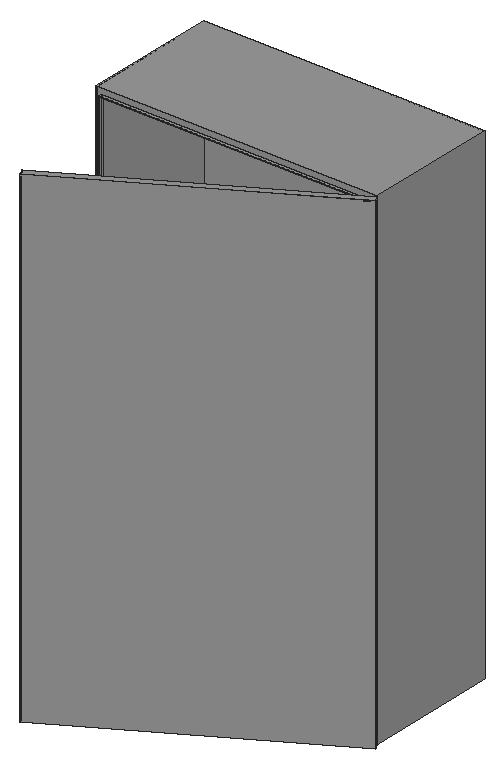
Revit family "Hager-Univers-IP55-D400-H1400-Cl.II-Steel_encl-NoHosted-NL-en", category Equipement électrique, Revit 2020
Family settings
  Configuration du panneau = Deux colonnes, circuits au sein
  Cote de connecteur circulaire = Utiliser le diamètre
  Type d'élément = Tableau de raccordement
  Basée sur le plan de construction = Oui
  Toujours verticalement = Oui
  Couper avec des vides une fois chargée = Non
  Partagée = Non
  Point de calcul de pièce = Non
Parameters (values of type "Surface mounted (plaster) IP55 W800 H1400 D400  - FR93H")
  Width Control [instance] = if([EF000008 - Width] > Min Width, [EF000008 - Width], Min Width)  # 800 mm
  Commentaires du type = [HG000003 - Range]  # "Univers"
  Thickness Door [instance] = if([EF009171 - Material plate thickness door/cover] > 3 mm, 3 mm, [EF009171 - Material plate thickness door/cover])  # 1.5 mm
  Seal Frame Offset [instance] = 17 mm  # constant formula
  Plinth Visibility [instance] = [HG000027 - Plinth height] > 0 mm  # no
  Min Width [instance] = 100 mm  # constant formula
  Min Depth [instance] = (2 * [EF009170 - Material plate thickness cabinet]) + 1 mm  # 4 mm
  Min Height [instance] = 100 mm  # constant formula
  Internal Frame Depth [instance] = (Door System Depth * 0.5)  # 9 mm
  Panel Name [instance] = ""  # (empty or 0)
  Model = ""
  HG000027 - Plinth height = 0 mm
  HG000026 - Floor standing = no
  HG000024 - Bottom section height = 600 mm
  HG000023 - Double section enclosure = no
  HG000016 - Door 3d visibility [instance] = yes
  HG000015 - Clearance visibility [instance] = no
  HG000014 - Door on the right [instance] = yes
  HG000013 - Door on the left [instance] = not([HG000014 - Door on the right])  # no
  HG000012 - Door swing angle [instance] = 30.00°
  HG000010 - Asymmetric doors = no
  HG000009 - Double swing door = no
  HG000006 - Flush mounted = no
  HG000004 - Manufacturer reference = "FR93H"
  HG000003 - Range = "Univers"
  HG000002 - With door or cover = yes
  Frame Offset Bottom [instance] = 10 mm  # constant formula
  Frame Offset [instance] = 15 mm  # constant formula
  EF015940 - Cover with overpressure release = no
  EF011959 - Degree of protection (NEMA) = ""
  EF009554 - Number of openings for flange plates = 6
  EF009212 - Cover model = "EV000116 - Closed"
  EF009171 - Material plate thickness door/cover = 1.5 mm
  EF009170 - Material plate thickness cabinet = 1.5 mm
  EF008873 - Nominal current (In) = 800 A
  EF007800 - Suitable for lightning protection = no
  EF006306 - With lock = no
  EF006244 - Transparent cover/door = no
  EF005474 - Degree of protection (IP) = "EV006420 - IP55"
  EF004464 - Type of door = "EV002646 - Single"
  EF004427 - Number of modules = 324
  EF004293 - Impact strength = "EV008784 - IK10"
  EF003532 - Suitable for outdoor use = no
  EF002950 - Width in number of modular spacings = 24
  EF001613 - Circuit integrity = "EV000494 - None"
  EF001596 - Material housing = "EV000179 - Steel"
  EF001131 - Internal depth = 400 mm
  EF001088 - Extension possible = yes
  EF000437 - Number of conduit inlets = 6
  EF000339 - Type of cover = "EV004216 - Door"
  EF000266 - Number of rows = 9
  EF000218 - Built-in depth = 0 mm
  EF000118 - With mounting plate = no
  EF000116 - RAL-number = "7035"
  EF000049 - Depth = 400 mm
  EF000040 - Height = 1400 mm
  EF000008 - Width = 800 mm
  EF000007 - Colour = "EV000270 - Grey"
  EF000003 - Mounting method = "EV000384 - Surface mounted (plaster)"
  Door System Leaf Tolerance [instance] = 1.5 mm  # constant formula
  Door System Depth [instance] = 18 mm  # constant formula
  Door Height [instance] = Height Control - [HG000027 - Plinth height]  # 1400 mm
  Description = ""
  Default Elevation = 1219.2 mm
  Connector Offset [instance] = Height Control / 2  # 700 mm
  Fabricant = "Hager"  # constant formula
  Height Control [instance] = if([EF000040 - Height] > Min Height, [EF000040 - Height], Min Height)  # 1400 mm
  Depth Control [instance] = if([EF000049 - Depth] > Min Depth, [EF000049 - Depth], Min Depth)  # 400 mm
  Bottom Top Plate Trim [instance] = 1.5 mm  # constant formula
  Plinth height Ctrl [instance] = if([HG000027 - Plinth height] > 0 mm, [HG000027 - Plinth height], 12 mm)  # 12 mm
Types (3, lengths in mm): name | Width Control | HG000009 - Double swing door | HG000004 - Manufacturer reference | EF009554 - Number of openings for flange plates | EF004464 - Type of door | EF004427 - Number of modules | EF000437 - Number of conduit inlets | EF000008 - Width
  Surface mounted (plaster) IP55 W1050 H1400 D400  - FR94H | 1050 | yes | "FR94H" | 8 | "EV003602 - Double" | 432 | 8 | 1050
  Surface mounted (plaster) IP55 W550 H1400 D400  - FR92H | 550 | no | "FR92H" | 4 | "EV002646 - Single" | 216 | 4 | 550
  Surface mounted (plaster) IP55 W800 H1400 D400  - FR93H | 800 | no | "FR93H" | 6 | "EV002646 - Single" | 324 | 6 | 800
Reference planes
  plane 1 "Center (Front/Back)": y = 0
  plane 2: z = 0
  plane 3 "Center (Left/Right)": x = 0
  plane 4: y = 0
  plane 5: y = 0
  plane 6: z = 0
  plane 7: x = -400
  plane 8: x = 400
  plane 9: x = 398.5
  plane 10: x = -398.5
  plane 11: z = 0
  plane 12: z = 1.5
  plane 13: y = -400
  plane 14: y = -1.5
  plane 15: x = 0
  plane 16: y = -382
  plane 17: y = -398.5
  plane 18: y = -380.5
  plane 19: x = -383.5
  plane 20: x = 383.5
  plane 21: z = 11.5
  plane 22: x = -383
  plane 23: x = 383
  plane 24: z = 0
  plane 25: z = 1400
  plane 26: z = 1400
  plane 27: z = 1383.5
  plane 28: z = 1398.5
Forms (mm)
  Extrusion 1, solid, material "Hager_Steel_RAL7035_Light_Grey", detail levels medium+fine
    sketch origin (-208.679, -4572, 0) x (-1, 0, 0) y (0, -1, 0)
      loop
        line (191.321, -4190) -> (-608.679, -4190) -> (-608.679, -4572) -> (191.321, -4572) -> (191.321, -4190)
    from 0 to 1400
  Extrusion 2, void
    sketch origin (-350.771, -400, 1219.2) x (1, 0, 0) y (0, 0, 1)
      loop
        line (-47.729, 179.3) -> (-47.729, -1217.7) -> (749.271, -1217.7) -> (749.271, 179.3) -> (-47.729, 179.3)
    from -19.5 to -398.5
  Extrusion 3, void
    sketch origin (-290.084, -382, 1219.2) x (1, 0, 0) y (0, 0, 1)
      loop
        line (-93.416, -1207.7) -> (673.584, -1207.7) -> (673.584, 164.3) -> (-93.416, 164.3) -> (-93.416, -1207.7)
    from 0 to -1.5
  Extrusion 4, solid, material "Hager_Steel_RAL7035_Light_Grey", visible <- "Plinth Visibility", detail levels medium+fine
    sketch origin (0, 0, 0) x (1, 0, 0) y (0, 1, 0)
      loop
        line (-400, 0) -> (-400, -382) -> (400, -382) -> (400, 0) -> (-400, 0)
    from 0 to 12 <- "Plinth height Ctrl"
  Extrusion 5, solid, material "Hager_Steel_RAL7035_Light_Grey", detail levels coarse
    sketch origin (0, 0, 0) x (1, 0, 0) y (0, 1, 0)
      loop
        line (-400, 0) -> (-400, -400) -> (400, -400) -> (400, 0) -> (-400, 0)
    from 0 to 1400 <- "Height Control"
  Sweep 6, void
    path in 3D
      loop
        line (-400, -382, 12) -> (400, -382, 12) -> (400, 0, 12) -> (-400, 0, 12) -> (-400, -382, 12)
    profile origin (-400, -191, 12) x (1, 0, 0) y (0, 0, 1)
      loop
        line (0, 0) -> (0, -1.5) -> (1.5, -1.5)
        arc (1.5, -1.5) -> (1.061, -0.439) -> (0, 0) r 1.5
  Extrusion 7, solid, material "Hager_Steel_RAL7035_Light_Grey", detail levels fine
    sketch origin (-400, -382, 0) x (1, 0, 0) y (0, 0, 1)
      loop
        line (16.5, 11.5) -> (783.5, 11.5) -> (783.5, 1383.5) -> (16.5, 1383.5) -> (16.5, 11.5)
      loop
        line (15, 10) -> (785, 10) -> (785, 1385) -> (15, 1385) -> (15, 10)
    from 0 to 9 <- "Internal Frame Depth"
Cuts and joins
  Extrusion 2, Extrusion 3 cuts Extrusion 1
  Sweep 6 cuts Extrusion 4
Lines and regions (mm)
  Masking region 1
    outline origin (0, 0, 0) x (1, 0, 0) y (0, 1, 0)
      loop
        line (-400, 0) -> (-400, -400) -> (400, -400) -> (400, 0) -> (-400, 0)
  Masking region 2, detail levels coarse
    outline origin (-290.084, -382, 1219.2) x (-1, 0, 0) y (0, 0, 1)
      loop
        line (-690.084, -1219.2) -> (109.916, -1219.2) -> (109.916, 180.8) -> (-690.084, 180.8) -> (-690.084, -1219.2)
  Masking region 3, detail levels coarse
    outline origin (0, 0, 0) x (0, 1, 0) y (0, 0, 1)
      loop
        line (0, 0) -> (0, 1400) -> (-400, 1400) -> (-400, 0) -> (0, 0)
  Masking region 4, visible <- "Plinth Visibility", detail levels medium+fine
    outline origin (0, 0, 0) x (0, 1, 0) y (0, 0, 1)
      loop
        line (-1.5, 12) -> (-380.5, 12)
        arc (-380.5, 12) -> (-380.939, 10.939) -> (-382, 10.5) r 1.5
        line (-382, 10.5) -> (-382, 0) -> (0, 0) -> (0, 10.5)
        arc (0, 10.5) -> (-1.061, 10.939) -> (-1.5, 12) r 1.5
  Masking region 5, detail levels medium+fine
    outline origin (0, 0, 594.038) x (0, 1, 0) y (0, 0, 1)
      loop
        line (0, -594.038) -> (0, 805.962) -> (-382, 805.962) -> (-382, -594.038) -> (0, -594.038)
  Masking region 6, detail levels medium+fine
    outline origin (-359.7, -382, 1211.883) x (-1, 0, 0) y (0, 0, 1)
      loop
        line (-759.7, -1211.883) -> (40.3, -1211.883) -> (40.3, 188.117) -> (-759.7, 188.117) -> (-759.7, -1211.883)
  Masking region 7, visible <- "Plinth Visibility", detail levels medium+fine
    outline origin (-320.334, -382, 1041.368) x (-1, 0, 0) y (0, 0, 1)
      loop
        line (-720.334, -1041.368) -> (79.666, -1041.368) -> (79.666, -1030.868)
        arc (79.666, -1030.868) -> (78.606, -1030.429) -> (78.166, -1029.368) r 1.5
        line (78.166, -1029.368) -> (-718.834, -1029.368)
        arc (-718.834, -1029.368) -> (-719.273, -1030.429) -> (-720.334, -1030.868) r 1.5
        line (-720.334, -1030.868) -> (-720.334, -1041.368)
  sketch lines
    curve 1: line (-400, 0, 12) -> (-400, -382, 12)
    curve 2: line (-400, -382, 12) -> (400, -382, 12)
    curve 3: line (400, 0, 12) -> (-400, 0, 12)
    curve 4: line (400, -382, 12) -> (400, 0, 12)
Dimensions and locks
  locked: plane 1 "Center (Front/Back)" to plane 5
  "EF009170 - Material plate thickness cabinet": plane 7 to plane 10
  "EF009170 - Material plate thickness cabinet": plane 8 to plane 9
  equal spacing: plane 7, plane 3 "Center (Left/Right)", plane 8
  "Width Control": plane 7 to plane 8
  "Depth Control": plane 4 to plane 13
  "EF009170 - Material plate thickness cabinet": plane 4 to plane 14
  "Height Control": plane 25 to level
  "HG000027 - Plinth height": plane 11 to level
  "EF009170 - Material plate thickness cabinet": plane 12 to plane 11
  "EF009170 - Material plate thickness cabinet": plane 17 to plane 13
  "EF009170 - Material plate thickness cabinet": plane 18 to plane 16
  "Frame Offset Bottom": plane 21 to plane 12
  "Frame Offset": plane 10 to plane 19
  "Frame Offset": plane 9 to plane 20
  "Door System Depth": plane 16 to plane 13
  "Seal Frame Offset": plane 7 to plane 22
  "Seal Frame Offset": plane 8 to plane 23
  "EF009170 - Material plate thickness cabinet": plane 26 to plane 28
  "Frame Offset": plane 28 to plane 27
  "Connector Offset": plane 2 to connector elem
  "Bottom Top Plate Trim": profile plane to Sweep 6 sketch curve
  "Bottom Top Plate Trim": Sweep 6 sketch curve to Sweep 6 sketch curve
  "Plinth height Ctrl": Masking region 4 sketch curve to level
  "Plinth height Ctrl": Masking region 7 sketch curve to level
  "Thickness Door": Extrusion 7 sketch curve to Extrusion 7 sketch curve  (x4)
  "Bottom Top Plate Trim": radius of Sweep 6 sketch curve
  "Bottom Top Plate Trim": radius of Masking region 4 sketch curve  (x2)
  "Bottom Top Plate Trim": radius of Masking region 7 sketch curve  (x2)
  aligned and locked: Extrusion 2 sketch curve to plane 12
  aligned and locked: Extrusion 2 sketch curve to plane 9
  aligned and locked: Extrusion 2 sketch curve to plane 10
  aligned and locked: Extrusion 2 to plane 14
  aligned and locked: Extrusion 1 sketch curve to plane 4
  aligned and locked: plane 8 to Extrusion 1 sketch curve
  aligned and locked: plane 7 to Extrusion 1 sketch curve
  aligned and locked: Extrusion 2 to plane 18
  aligned and locked: Extrusion 3 sketch curve to plane 19
  aligned and locked: plane 20 to Extrusion 3 sketch curve
  aligned and locked: Extrusion 3 to Extrusion 2
  aligned and locked: Extrusion 3 sketch curve to plane 21
  aligned and locked: plane 3 "Center (Left/Right)" to nested 1
  aligned and locked: Extrusion 1 sketch curve to plane 16
  aligned and locked: Extrusion 4 sketch curve to cut or joined group of Extrusion 1, Extrusion 2, Extrusion 3
  aligned and locked: Masking region 1 sketch curve to plane 7
  aligned and locked: Masking region 1 sketch curve to plane 5
  aligned and locked: Masking region 1 sketch curve to plane 8
  aligned and locked: Masking region 2 sketch curve to level
  aligned and locked: level to Masking region 3 sketch curve
  aligned and locked: plane 1 "Center (Front/Back)" to Masking region 3 sketch curve
  aligned and locked: plane 13 to Masking region 3 sketch curve
  aligned and locked: plane 5 to Masking region 4 sketch curve
  aligned and locked: Masking region 2 sketch curve to plane 8
  aligned and locked: Masking region 2 sketch curve to plane 7
  aligned and locked: plane 7 to nested 2
  aligned and locked: nested 2 to plane 5
  aligned and locked: plane 5 to Masking region 5 sketch curve
  aligned and locked: plane 26 to Masking region 5 sketch curve
  aligned and locked: Extrusion 5 sketch curve to plane 8
  aligned and locked: Extrusion 5 sketch curve to plane 7
  aligned and locked: Extrusion 5 sketch curve to plane 5
  aligned and locked: Extrusion 3 sketch curve to plane 27
  aligned and locked: Extrusion 2 sketch curve to plane 28
  aligned and locked: Masking region 2 to plane 25
  aligned and locked: Extrusion 4 to plane 16
  aligned and locked: profile plane to Sweep 6 sketch curve
  aligned and locked: Masking region 5 sketch curve to plane 24
  aligned and locked: level to Masking region 4 sketch curve
  aligned and locked: Masking region 1 to plane 13
  aligned and locked: nested 1 to plane 16
  aligned and locked: Masking region 3 to plane 25
  aligned and locked: plane 16 to Masking region 4 sketch curve
  aligned and locked: Masking region 5 sketch curve to plane 16
  aligned and locked: plane 24 to plane 11
  aligned and locked: plane 26 to plane 25
  aligned and locked: plane 26 to cut or joined group of Extrusion 1, Extrusion 2, Extrusion 3
  aligned and locked: nested 1 to plane 24
  aligned and locked: Extrusion 1 to Extrusion 3
  aligned and locked: Masking region 6 sketch curve to plane 8
  aligned and locked: Masking region 6 sketch curve to plane 24
  aligned and locked: Masking region 6 sketch curve to plane 7
  aligned and locked: Masking region 6 sketch curve to plane 26
  aligned and locked: Masking region 7 sketch curve to plane 7
  aligned and locked: level to Masking region 7 sketch curve
  aligned and locked: Masking region 7 sketch curve to plane 8
  aligned and locked: Extrusion 7 sketch curve to cut or joined group of Extrusion 1, Extrusion 2, Extrusion 3  (x4)
Automatic sketch dimensions
  plane 19 to Extrusion 3 sketch curve = 0 mm
  Extrusion 3 sketch curve to plane 20 = 0 mm
  Extrusion 3 sketch curve to plane 21 = 0 mm
  Extrusion 4 sketch curve to plane 7 = 0 mm
  Extrusion 4 sketch curve to plane 8 = 0 mm
  Extrusion 4 sketch curve to plane 16 = 0 mm
  Masking region 1 sketch curve to plane 13 = 0 mm
  Masking region 2 sketch curve to plane 25 = 0 mm
  Masking region 3 sketch curve to plane 25 = 0 mm
  Extrusion 5 sketch curve to plane 13 = 0 mm
  profile plane to Sweep 6 sketch curve = 0 mm
Nested families
  nested 1: "EC000058_Univers_Door" at (0, -382, 0), Double <- "HG000009 - Double swing door", Transparent <- "EF006244 - Transparent cover/door", Angle <- "HG000012 - Door swing angle", Door_Right <- "HG000014 - Door on the right", Assymetrical <- "HG000010 - Asymmetric doors", Door <- "HG000002 - With door or cover", Width_Ctrl <- "Width Control", 3d_Door <- "HG000016 - Door 3d visibility", Clearance <- "HG000015 - Clearance visibility", Door_Left <- "HG000013 - Door on the left", Width <- "Width Control", Door_Depth <- "Door System Depth", Leaf_Tolerance <- "Door System Leaf Tolerance", Height <- "Door Height", Lock_Visibility <- "EF006306 - With lock", Thickness <- "Thickness Door", type "EC000058_Univers_Door", detail levels medium+fine
    with min_wh 4 mm, Width_Ctrl 800 mm, Width 800 mm, Transparent no, Thickness 1.5 mm, Seal_Material Hager_Rubber, Lock_Visibility no, Lock_Material Hager_Plastic_RAL9005_Jet_Black, Leaf_Width 800 mm, Leaf_Tolerance_External_Sides 0 mm, Leaf_Tolerance 1.5 mm, Leaf_Offset 0 mm, Leaf_Height 1397 mm, Leaf_2_Width 800 mm, Leaf_2_Offset 400 mm, Leaf_1_Width 800 mm, Leaf_1_Offset 400 mm, Height_Ctrl 1400 mm, Height 1400 mm, Glass_Material Hager_Glass, Double_Clearance_Ctrl no, Double no, Door_Right_Ctrl yes, Door_Right yes, Door_Material Hager_Steel_RAL7035_Light_Grey, Door_Left_Ctrl no, Door_Left no, Door_Depth 18 mm, Door yes, Clearance_Material Hager_Clearance, Clearance_Depth 800 mm, Clearance_Ctrl no, Clearance no, Assymetrical no, Angle 30.00°, 3d_Door yes
  nested 2: "Hager_Enclosure_Symbol" at (-400, 0, 0), Height <- "Depth Control", Width <- "Width Control", type "Hager_Enclosure_Symbol"
    with Width_Ctrl 800 mm, Width 800 mm, Height_Ctrl 400 mm, Height 400 mm, A_Width_Int 26.25 mm, A_Width 315 mm, A_Height_Ctrl 350 mm, A_Height 350 mm
Connectors
  electrical at (0, 0, 700)
    settings: on plane 1 "Center (Front/Back)", index 1, voltage 0 V, apparent load 0 VA, apparent load phase1 0 VA, apparent load phase2 0 VA, apparent load phase3 0 VA, power factor 1, load classification "Other", number of poles 1, system type 30, power factor state 1, is connector primary yes, connector utility no, sub classification motor no, connector description ""
Definition of nested family "EC000058_Univers_Door"
  Parameters (values of type "EC000058_Univers_Door")
    min_wh [instance] = (2 * Thickness) + 1 mm  # 11 mm
    Width_Ctrl [instance] = 400 mm
    Width [instance] = 500 mm
    Transparent [instance] = yes
    Thickness [instance] = 5 mm
    Seal_Material [instance] = none
    Lock_Visibility [instance] = yes
    Lock_Material [instance] = none
    Leaf_Width [instance] = if((Width_Ctrl - 2 * Leaf_Tolerance_External_Sides) > 0 mm, (Width_Ctrl - 2 * Leaf_Tolerance_External_Sides), min_wh)  # 400 mm
    Leaf_Tolerance_External_Sides [instance] = 0 mm  # constant formula
    Leaf_Tolerance [instance] = 1.5 mm
    Leaf_Offset [instance] = 0 mm  # constant formula
    Leaf_Height [instance] = if((Height_Ctrl - 2 * Leaf_Tolerance) > 0 mm, (Height_Ctrl - 2 * Leaf_Tolerance), min_wh)  # 497 mm
    Leaf_2_Width [instance] = if(and(and(Double, Assymetrical), Door_Left), (Leaf_Width / 3) - (Leaf_Tolerance / 2), if(and(and(Double, Assymetrical), Door_Right), (Leaf_Width / 3) * 2 - (Leaf_Tolerance / 2), if(and(Double, not(Assymetrical)), (Leaf_Width / 2) - Leaf_Tolerance, Leaf_Width)))  # 400 mm
    Leaf_2_Offset [instance] = if(and(Double, Assymetrical), Leaf_2_Width / 2, if(and(Double, not(Assymetrical)), Leaf_Width / 4, Leaf_Width / 2))  # 200 mm
    Leaf_1_Width [instance] = if(and(and(Double, Assymetrical), Door_Right), (Leaf_Width / 3) - (Leaf_Tolerance / 2), if(and(and(Double, Assymetrical), Door_Left), (Width / 3) * 2 - (Leaf_Tolerance / 2), if(and(Double, not(Assymetrical)), (Leaf_Width / 2) - Leaf_Tolerance, Leaf_Width)))  # 400 mm
    Leaf_1_Offset [instance] = if(and(Double, Assymetrical), Leaf_1_Width / 2, if(and(Double, not(Assymetrical)), Leaf_Width / 4, Leaf_Width / 2))  # 200 mm
    Height_Ctrl [instance] = if(Height > min_wh, Height, min_wh)  # 500 mm
    Height [instance] = 500 mm
    Glass_Material [instance] = none
    Double_Clearance_Ctrl [instance] = and(Double, Clearance)  # no
    Double [instance] = no
    Door_Right_Ctrl [instance] = and(or(Door_Right, Double), Door)  # yes
    Door_Right [instance] = yes
    Door_Material [instance] = none
    Door_Left_Ctrl [instance] = and(or(Door_Left, Double), Door)  # no
    Door_Left [instance] = no
    Door_Depth [instance] = 30 mm
    Door [instance] = yes
    Default Elevation = 1219.2 mm
    Clearance_Material [instance] = none
    Clearance_Depth [instance] = if(Leaf_1_Width > Leaf_2_Width, Leaf_1_Width, Leaf_2_Width)  # 400 mm
    Clearance_Ctrl [instance] = and(not(Double), Clearance)  # yes
    Clearance [instance] = yes
    Assymetrical [instance] = yes
    Angle [instance] = 30.00°
    3d_Door [instance] = yes
  Reference planes
    plane 1 "Center (Front/Back)": y = 0
    plane 2 "Bottom": z = 0
    plane 3 "Center (Left/Right)": x = 0
    plane 4: z = 500
    plane 5: x = -200
    plane 6: x = 200
    plane 7: z = 500
    plane 8: x = -200
    plane 9: z = 0
    plane 10: x = 200
    plane 11: y = 0
    plane 12: z = 1.5
    plane 13: x = -600
    plane 14: y = -400
    plane 15: x = 600
    plane 16: x = 0
    plane 17: x = 0
    plane 18: x = -200
    plane 19: x = 200
    plane 20: z = 498.5
  Forms (mm)
    Extrusion 1, solid, material <- "Clearance_Material", visible <- "Double_Clearance_Ctrl"
      sketch origin (1200, 0, 0) x (1, 0, 0) y (0, 0, -1)
        loop
          line (-1800, -498.5) -> (-600, -498.5) -> (-600, 0) -> (-1800, 0) -> (-1800, -498.5)
      from 0 to -400
  Dimensions and locks
    equal spacing: plane 5, plane 3 "Center (Left/Right)", plane 6
    "Width_Ctrl": plane 5 to plane 6
    "Leaf_Offset": plane 5 to plane 8
    "Leaf_Offset": plane 6 to plane 10
    "Leaf_Offset": plane 9 to level
    "Leaf_Offset": plane 4 to plane 7
    "Height_Ctrl": plane 4 to level
    "Leaf_Tolerance": plane 12 to plane 9
    locked: plane 11 to plane 1 "Center (Front/Back)"
    "Leaf_1_Offset": plane 18 to plane 16
    "Leaf_2_Offset": plane 17 to plane 19
    "Leaf_1_Width": plane 13 to plane 8
    "Leaf_2_Width": plane 10 to plane 15
    "Clearance_Depth": plane 14 to plane 1 "Center (Front/Back)"
    "Leaf_Tolerance_External_Sides": plane 8 to plane 18
    "Leaf_Tolerance_External_Sides": plane 19 to plane 10
    "Leaf_Tolerance": plane 7 to plane 20
    aligned and locked: level to plane 2 "Bottom"
    aligned and locked: nested 1 to plane 16
    aligned and locked: nested 2 to plane 17
    aligned and locked: Extrusion 1 to plane 13
    aligned and locked: plane 15 to Extrusion 1
    aligned and locked: Extrusion 1 to plane 14
    aligned and locked: plane 12 to nested 1
    aligned and locked: nested 2 to plane 12
    aligned and locked: Extrusion 1 to plane 11
    aligned and locked: plane 20 to Extrusion 1
    aligned and locked: nested 2 to plane 11
    aligned and locked: nested 1 to plane 11
  Automatic sketch dimensions
    Extrusion 1 sketch curve to level = 0 mm
    plane 5 to Extrusion 1 sketch curve = 400 mm
    plane 6 to Extrusion 1 sketch curve = 400 mm
    Extrusion 1 sketch curve to plane 4 = 1.5 mm
  Nested families
    nested 1: "EC000058_Univers_Door_Leaf" at (0, 0, 1.5), Width <- "Leaf_1_Width", visible <- "Door_Left_Ctrl", Leaf_Height <- "Leaf_Height", Angle <- "Angle", 3d_Door <- "3d_Door", Transparent <- "Transparent", Clearance Material <- "Clearance_Material", Clearance <- "Clearance_Ctrl", Door_Material <- "Door_Material", Glass_Material <- "Glass_Material", Door_Depth <- "Door_Depth", Lock_Material <- "Lock_Material", Seal_Material <- "Seal_Material", Lock_Visibility <- "Lock_Visibility", Thickness <- "Thickness", type "EC000058_Univers_Door_Leaf"
      with Width 400 mm, Transparent_Glass_Offset 30 mm, Transparent_Ctrl yes, Transparent yes, Thickness 5 mm, Standard no, Seal_Material none, Seal_D2 8 mm, Seal_D1 1 mm, Offset_Internal_Frame 10 mm, Lock_Width 20 mm, Lock_Visibility_3d yes, Lock_Visibility yes, Lock_Thickness_3 3 mm, Lock_Thickness_2 1 mm, Lock_Thickness_1 3 mm, Lock_Radius_Offset_2 16 mm, Lock_Radius_Offset_1 15 mm, Lock_Radius_2 5 mm, Lock_Radius 6 mm, Lock_Offset 5 mm, Lock_Material none, Lock_Height 80 mm, Lock_Cover_Top_Offset_2d 17 mm, Lock_Cover_Height -65 mm, Leaf_Height 497 mm, Internal_Seal_Thickness 8 mm, Internal_Seal_Depth_2 4.5 mm, Internal_Frame_Depth 25 mm, Glass_Thickness -1 mm, Glass_Offset -2 mm, Glass_Material none, Door_Material none, Door_Depth 30 mm, Clearance Material none, Clearance yes, Angle_Ctrl 30.00°, Angle 30.00°, 3d_Door yes
    nested 2: "EC000058_Univers_Door_Leaf" at (0, 0, 1.5) x (-1, 0, 0) z (0, 0, 1), Width <- "Leaf_2_Width", visible <- "Door_Right_Ctrl", Leaf_Height <- "Leaf_Height", Angle <- "Angle", 3d_Door <- "3d_Door", Transparent <- "Transparent", Clearance Material <- "Clearance_Material", Clearance <- "Clearance_Ctrl", Door_Material <- "Door_Material", Glass_Material <- "Glass_Material", Door_Depth <- "Door_Depth", Lock_Material <- "Lock_Material", Seal_Material <- "Seal_Material", Lock_Visibility <- "Lock_Visibility", Thickness <- "Thickness", type "EC000058_Univers_Door_Leaf"
      with Width 400 mm, Transparent_Glass_Offset 30 mm, Transparent_Ctrl yes, Transparent yes, Thickness 5 mm, Standard no, Seal_Material none, Seal_D2 8 mm, Seal_D1 1 mm, Offset_Internal_Frame 10 mm, Lock_Width 20 mm, Lock_Visibility_3d yes, Lock_Visibility yes, Lock_Thickness_3 3 mm, Lock_Thickness_2 1 mm, Lock_Thickness_1 3 mm, Lock_Radius_Offset_2 16 mm, Lock_Radius_Offset_1 15 mm, Lock_Radius_2 5 mm, Lock_Radius 6 mm, Lock_Offset 5 mm, Lock_Material none, Lock_Height 80 mm, Lock_Cover_Top_Offset_2d 17 mm, Lock_Cover_Height -65 mm, Leaf_Height 497 mm, Internal_Seal_Thickness 8 mm, Internal_Seal_Depth_2 4.5 mm, Internal_Frame_Depth 25 mm, Glass_Thickness -1 mm, Glass_Offset -2 mm, Glass_Material none, Door_Material none, Door_Depth 30 mm, Clearance Material none, Clearance yes, Angle_Ctrl 30.00°, Angle 30.00°, 3d_Door yes
  Definition of nested family "EC000058_Univers_Door_Leaf"
    Parameters (values of type "EC000058_Univers_Door_Leaf")
      Width [instance] = 2000 mm
      Transparent_Glass_Offset [instance] = 30 mm
      Transparent_Ctrl [instance] = and(Transparent, [3d_Door])  # yes
      Transparent [instance] = yes
      Thickness [instance] = 5 mm
      Standard [instance] = and(not(Transparent), [3d_Door])  # no
      Seal_Material [instance] = none
      Seal_D2 [instance] = 8 mm  # constant formula
      Seal_D1 [instance] = 1 mm  # constant formula
      Offset_Internal_Frame [instance] = 10 mm  # constant formula
      Lock_Width [instance] = 20 mm  # constant formula
      Lock_Visibility_3d [instance] = and(Lock_Visibility, [3d_Door])  # yes
      Lock_Visibility [instance] = yes
      Lock_Thickness_3 [instance] = 3 mm  # constant formula
      Lock_Thickness_2 [instance] = 1 mm  # constant formula
      Lock_Thickness_1 [instance] = 3 mm  # constant formula
      Lock_Radius_Offset_2 [instance] = Lock_Radius_Offset_1 + 1 mm  # 16 mm
      Lock_Radius_Offset_1 [instance] = 15 mm  # constant formula
      Lock_Radius_2 [instance] = Lock_Radius - 1 mm  # 5 mm
      Lock_Radius [instance] = 6 mm  # constant formula
      Lock_Offset [instance] = 5 mm  # constant formula
      Lock_Material [instance] = none
      Lock_Height [instance] = 80 mm  # constant formula
      Lock_Cover_Top_Offset_2d [instance] = Lock_Radius_Offset_2 + 1 mm  # 17 mm
      Lock_Cover_Height [instance] = -(Lock_Height - Lock_Radius_Offset_1)  # -65 mm
      Leaf_Height [instance] = 2720.336 mm
      Internal_Seal_Thickness [instance] = 8 mm  # constant formula
      Internal_Seal_Depth_2 [instance] = 4.5 mm  # constant formula
      Internal_Frame_Depth [instance] = if(Door_Depth - Thickness > 5 mm, Door_Depth - Thickness, 5 mm)  # 25 mm
      Glass_Thickness [instance] = if(Thickness > 15 mm, Glass_Offset + 10 mm, -1 mm)  # -1 mm
      Glass_Offset [instance] = if(Thickness > 15 mm, -(Thickness + 10 mm) / 2, -2 mm)  # -2 mm
      Glass_Material [instance] = none
      Door_Material [instance] = none
      Door_Depth [instance] = 30 mm
      Default Elevation = 0 mm
      Clearance Material [instance] = none
      Clearance [instance] = yes
      Angle_Ctrl [instance] = if(Angle > 180.00°, 180.00°, Angle)  # 90.00°
      Angle [instance] = 90.00°
      3d_Door [instance] = yes
    Reference planes
      plane 1 "Center (Front/Back)": y = 0
      plane 2: z = 0
      plane 3 "Center (Left/Right)": x = 0
      plane 4: y = 2000
      plane 5: x = -1000
      plane 6: x = 1000
      plane 7: x = -3000
      plane 8: z = 2720.336
      plane 9: z = 30
      plane 10: z = 2690.336
      plane 11: x = 970
      plane 12: x = -970
      plane 13: y = -3
      plane 14: z = 107.833
      plane 15: y = -5
      plane 16: y = -223.314
      plane 17: x = -1000
      plane 18: z = 1360.168
      plane 19: y = 30
    Forms (mm)
      Extrusion 1, solid, material <- "Clearance Material", visible <- "Clearance"
        sketch origin (0, 0, 0) x (1, 0, 0) y (0, 0, 1)
          loop
            line (-3000, 2720.336) -> (-3000, 0) -> (1000, 0) -> (1000, 2720.336) -> (-3000, 2720.336)
        from 0 to -2000
      Extrusion 2, solid, material <- "Door_Material", visible <- "Standard", detail levels medium+fine
        sketch origin (-1000, 0, 0) x (0, 1, 0) y (-1, 0, 0)
          loop
            line (0, 30) -> (0, 25) -> (2000, 25) -> (2000, 30) -> (0, 30)
        from 0 to 2720.336 <- "Leaf_Height"
      Extrusion 3, solid, material <- "Door_Material", visible <- "Transparent_Ctrl", detail levels medium+fine
        sketch origin (-1000, 0, 0) x (0, 1, 0) y (-1, 0, 0)
          loop
            line (0, 25) -> (2000, 25) -> (2000, 30) -> (0, 30) -> (0, 25)
        from 0 to 2720.336 <- "Leaf_Height"
      Extrusion 4, void
        sketch origin (-1025, 2000, 0) x (0, 1, 0) y (0, 0, -1)
          loop
            line (-30, -2690.336) -> (-30, -30) -> (-1970, -30) -> (-1970, -2690.336) -> (-30, -2690.336)
        from 0 to 5 <- "Thickness"
      Sweep 5, solid, material <- "Seal_Material", visible <- "Transparent_Ctrl", detail levels fine
        path in 3D
          loop
            line (-1025, 30, 30) -> (-1025, 30, 2690.336) -> (-1025, 1970, 2690.336) -> (-1025, 1970, 30) -> (-1025, 30, 30)
        profile origin (-1025, 1000, 30) x (1, 0, 0) y (0, 0, 1)
          loop
            line (0, 0) -> (0, -8) -> (1, -8) -> (1, 0) -> (0, 0)
      Extrusion 6, solid, material <- "Glass_Material", visible <- "Transparent_Ctrl", detail levels medium+fine
        sketch origin (-1030, 0, 0) x (0, 1, 0) y (0, 0, -1)
          loop
            line (1970, -2690.336) -> (1970, -30) -> (30, -30) -> (30, -2690.336) -> (1970, -2690.336)
        from -2 <- "Glass_Offset" to -1 <- "Glass_Thickness"
      Extrusion 7, solid, material <- "Door_Material", visible <- "3d_Door", detail levels medium+fine
        sketch origin (-1025, 2000, 0) x (0, -1, 0) y (0, 0, -1)
          loop
            line (0, -2720.336) -> (2000, -2720.336) -> (2000, 0) -> (0, 0) -> (0, -2720.336)
          loop
            line (1995, -5) -> (5, -5) -> (5, -2715.336) -> (1995, -2715.336) -> (1995, -5)
        from 0 to 25 <- "Internal_Frame_Depth"
      Sweep 8, solid, material <- "Seal_Material", visible <- "Transparent_Ctrl", detail levels fine
        path in 3D
          loop
            line (-1025, 0, 0) -> (-1025, 2000, 0) -> (-1025, 2000, 2720.336) -> (-1025, 0, 2720.336) -> (-1025, 0, 0)
        profile origin (-1025, 0, 1360.168) x (1, 0, 0) y (0, 1, 0)
          loop
            line (0, 10) -> (2.975, 10)
            arc (2.975, 10) -> (4.053, 10.447) -> (4.5, 11.525) r 1.525
            line (4.5, 11.525) -> (4.5, 16.527)
            arc (4.5, 16.527) -> (4.069, 17.569) -> (3.027, 18) r 1.473
            line (3.027, 18) -> (0, 18) -> (0, 10)
      Extrusion 9, solid, material <- "Lock_Material", visible <- "Lock_Visibility_3d", detail levels fine
        sketch origin (-1030, 0, 0) x (0, 1, 0) y (0, 0, -1)
          loop
            arc (1993.5, -1400.168) -> (1994.561, -1399.729) -> (1995, -1398.668) r 1.5
            line (1995, -1398.668) -> (1995, -1320.168) -> (1975, -1320.168) -> (1975, -1398.668)
            arc (1975, -1398.668) -> (1975.439, -1399.729) -> (1976.5, -1400.168) r 1.5
            line (1976.5, -1400.168) -> (1993.5, -1400.168)
        from 3 <- "Lock_Thickness_1" to 0
      Blend 10, solid, material <- "Lock_Material", visible <- "Lock_Visibility_3d", detail levels fine
        base sketch origin (-1033, 0, 0) x (0, 1, 0) y (0, 0, -1)
          loop
            line (1975, -1320.168) -> (1975, -1398.668)
            arc (1975, -1398.668) -> (1975.439, -1399.729) -> (1976.5, -1400.168) r 1.5
            line (1976.5, -1400.168) -> (1993.5, -1400.168)
            arc (1993.5, -1400.168) -> (1994.561, -1399.729) -> (1995, -1398.668) r 1.5
            line (1995, -1398.668) -> (1995, -1320.168) -> (1975, -1320.168)
        top sketch origin (-1033, 0, 0) x (0, 1, 0) y (0, 0, -1)
          loop
            line (1976, -1320.168) -> (1976, -1398.668)
            arc (1976, -1398.668) -> (1976.146, -1399.022) -> (1976.5, -1399.168) r 0.5
            line (1976.5, -1399.168) -> (1993.5, -1399.168)
            arc (1993.5, -1399.168) -> (1993.854, -1399.022) -> (1994, -1398.668) r 0.5
            line (1994, -1398.668) -> (1994, -1320.168) -> (1976, -1320.168)
        from 0 to 1 <- "Lock_Thickness_2"
      Blend 11, solid, material <- "Lock_Material", visible <- "Lock_Visibility_3d", detail levels fine
        base sketch origin (-1034, 0, 0) x (0, 1, 0) y (0, 0, -1)
          loop
            line (1978, -1320.168) -> (1978, -1384.168)
            arc (1978, -1384.168) -> (1985, -1391.168) -> (1992, -1384.168) r 7
            line (1992, -1384.168) -> (1992, -1320.168) -> (1978, -1320.168)
        top sketch origin (-1034, 0, 0) x (0, 1, 0) y (0, 0, -1)
          loop
            line (1991, -1320.168) -> (1979, -1320.168) -> (1979, -1383.168)
            arc (1979, -1383.168) -> (1985, -1389.168) -> (1991, -1383.168) r 6
            line (1991, -1383.168) -> (1991, -1320.168)
        from 0 to 3 <- "Lock_Thickness_3"
      Extrusion 12, solid, material <- "Lock_Material", visible <- "Lock_Visibility_3d", detail levels fine
        sketch origin (-1030, 1975, 1320.168) x (1, 0, 0) y (0, -1, 0)
          loop
            line (-7, -19) -> (-7, -1) -> (0, -1) -> (0, 0) -> (-8, 0) -> (-8, -20) -> (0, -20) -> (0, -19) -> (-7, -19)
        from 0 to -65 <- "Lock_Cover_Height"
      Extrusion 13, void
        sketch origin (-1038, 1995, 1320.168) x (-1, 0, 0) y (0, 0, -1)
          loop
            line (-5, -65) -> (0, -65) -> (-5, -60) -> (-5, -65)
        from 0 to 20 <- "Lock_Width"
      Extrusion 14, void
        sketch origin (-1038, 1975, 1320.168) x (0, -1, 0) y (0, 0, -1)
          loop
            circle (-10, -15.995) r 6
          loop
            circle (-10, -15.995) r 5
        from 0 to 2
      Extrusion 15, solid, material <- "Lock_Material", visible <- "Lock_Visibility_3d", detail levels medium
        sketch origin (-1030, 0, 0) x (0, 1, 0) y (0, 0, -1)
          loop
            arc (1993.5, -1400.168) -> (1994.561, -1399.729) -> (1995, -1398.668) r 1.5
            line (1995, -1398.668) -> (1995, -1320.168) -> (1975, -1320.168) -> (1975, -1398.668)
            arc (1975, -1398.668) -> (1975.439, -1399.729) -> (1976.5, -1400.168) r 1.5
            line (1976.5, -1400.168) -> (1993.5, -1400.168)
        from 8 to 0
    Cuts and joins
      Extrusion 4 cuts Extrusion 3
      Extrusion 13, Extrusion 14 cuts Extrusion 9
      Extrusion 14 cuts Blend 11
      Extrusion 13, Extrusion 14 cuts Extrusion 12
      joined: Extrusion 9, Blend 10, Blend 11, Extrusion 12
      Extrusion 14 cuts Extrusion 15
    Lines and regions (mm)
      Masking region 1, visible <- "Lock_Visibility", detail levels fine
        outline origin (0, 0, 0) x (0, 1, 0) y (0, 0, 1)
          loop
            line (30, 1320.168) -> (33, 1320.168) -> (33, 1400.168) -> (30, 1400.168) -> (30, 1320.168)
      Masking region 2, visible <- "Lock_Visibility", detail levels fine
        outline origin (0, 3.143, 0) x (0, 1, 0) y (0, 0, 1)
          loop
            line (29.857, 1354.168) -> (30.857, 1354.168) -> (30.857, 1366.168) -> (29.857, 1366.168) -> (29.857, 1354.168)
      Masking region 3, detail levels medium+fine
        outline origin (0, 0, 0) x (0, 1, 0) y (0, 0, 1)
          loop
            line (0, 0) -> (30, 0) -> (30, 2720.336) -> (0, 2720.336) -> (0, 0)
      Masking region 4, detail levels medium+fine
        outline origin (0, 0, 0) x (1, 0, 0) y (0, 0, 1)
          loop
            line (-1000, 2720.336) -> (-1000, 0) -> (1000, 0) -> (1000, 2720.336) -> (-1000, 2720.336)
      Masking region 5, visible <- "Lock_Visibility", detail levels fine
        outline origin (-47.116, 0, 0) x (1, 0, 0) y (0, 0, 1)
          loop
            arc (1024.616, 1399.168) -> (1023.556, 1398.729) -> (1023.116, 1397.668) r 1.5
            line (1023.116, 1397.668) -> (1023.116, 1320.168) -> (1041.116, 1320.168) -> (1041.116, 1397.668)
            arc (1041.116, 1397.668) -> (1040.677, 1398.729) -> (1039.616, 1399.168) r 1.5
            line (1039.616, 1399.168) -> (1024.616, 1399.168)
      Masking region 6, visible <- "Lock_Visibility", detail levels medium+fine
        outline origin (-25, 0, 0) x (1, 0, 0) y (0, 0, 1)
          loop
            arc (1001.5, 1400.168) -> (1000.439, 1399.729) -> (1000, 1398.668) r 1.5
            line (1000, 1398.668) -> (1000, 1320.168) -> (1020, 1320.168) -> (1020, 1398.668)
            arc (1020, 1398.668) -> (1019.561, 1399.729) -> (1018.5, 1400.168) r 1.5
            line (1018.5, 1400.168) -> (1001.5, 1400.168)
      Masking region 7, visible <- "Lock_Visibility", detail levels fine
        outline origin (-73.735, 0, 0) x (1, 0, 0) y (0, 0, 1)
          loop
            line (1051.735, 1382.168) -> (1065.735, 1382.168) -> (1065.735, 1384.168)
            arc (1065.735, 1384.168) -> (1058.735, 1391.168) -> (1051.735, 1384.168) r 7
            line (1051.735, 1384.168) -> (1051.735, 1382.168)
      Masking region 8, visible <- "Lock_Visibility", detail levels fine
        outline origin (-73.735, 0, 0) x (1, 0, 0) y (0, 0, 1)
          loop
            line (1052.735, 1382.168) -> (1064.735, 1382.168) -> (1064.735, 1383.168)
            arc (1064.735, 1383.168) -> (1058.735, 1389.168) -> (1052.735, 1383.168) r 6
            line (1052.735, 1383.168) -> (1052.735, 1382.168)
      Masking region 9, visible <- "Lock_Visibility", detail levels fine
        outline origin (-25, 0, 0) x (1, 0, 0) y (0, 0, 1)
          loop
            line (1020, 1320.168) -> (1020, 1382.168) -> (1000, 1382.168) -> (1000, 1320.168) -> (1020, 1320.168)
      Masking region 10, detail levels medium+fine
        outline origin (0, 0, 0) x (1, 0, 0) y (0, 0, 1)
          loop
            circle (985, 1335.144) r 6
      Masking region 11, detail levels fine
        outline origin (0, 0, 0) x (1, 0, 0) y (0, 0, 1)
          loop
            circle (985, 1335.144) r 5
      Masking region 12, visible <- "Lock_Visibility", detail levels fine
        outline origin (0, 12.767, 0) x (0, 1, 0) y (0, 0, 1)
          loop
            line (20.233, 1320.168) -> (21.233, 1320.168) -> (21.233, 1399.168) -> (20.233, 1400.168) -> (20.233, 1320.168)
      Masking region 13, visible <- "Lock_Visibility", detail levels fine
        outline origin (0, 13.767, -10) x (0, 1, 0) y (0, 0, 1)
          loop
            line (20.233, 1330.168) -> (23.233, 1330.168) -> (23.233, 1399.168) -> (20.233, 1402.168) -> (20.233, 1330.168)
      Masking region 14, visible <- "Lock_Visibility", detail levels fine
        outline origin (0, 12.767, -10) x (0, 1, 0) y (0, 0, 1)
          loop
            line (20.233, 1330.168) -> (25.233, 1330.168) -> (25.233, 1399.305) -> (20.233, 1394.305) -> (20.233, 1330.168)
      Masking region 15, visible <- "Lock_Visibility", detail levels medium
        outline origin (0, 0, 0) x (0, 1, 0) y (0, 0, 1)
          loop
            line (30, 1320.168) -> (38, 1320.168) -> (38, 1400.168) -> (30, 1400.168) -> (30, 1320.168)
      Masking region 16, visible <- "Lock_Visibility", detail levels fine
        outline origin (-1000, 0, 0) x (0, 1, 0) y (-1, 0, 0)
          loop
            line (1975, 30) -> (1995, 30) -> (1995, 38) -> (1975, 38) -> (1975, 30)
          loop
            line (1979, 37) -> (1976, 37) -> (1976, 34) -> (1978, 34) -> (1979, 37)
          loop
            line (1994, 37) -> (1991, 37) -> (1992, 34) -> (1994, 34) -> (1994, 37)
      Masking region 17, visible <- "Lock_Visibility", detail levels medium
        outline origin (-1000, 0, 0) x (0, 1, 0) y (-1, 0, 0)
          loop
            line (1975, 30) -> (1995, 30) -> (1995, 38) -> (1975, 38) -> (1975, 30)
      symbolic lines
        curve 1: line (1000, 0, 0) -> (-3000, 0, 0)
        curve 2: arc (1000, 0, 0) -> (-1000, 2000, 0) -> (-3000, 0, 0) r 2000
        curve 4: line (-1030, 0, 0) -> (-1030, 2000, 0)
      reference lines
        curve 3: line (-1000, 0, 0) -> (-1000, 2000, 0)
      symbolic lines, detail levels medium+fine
        curve 5: line (-1030, 2000, 0) -> (-1025, 2000, 0)
        curve 7: line (-1025, 0, 0) -> (-1030, 0, 0)
        curve 8: line (-1025, 0, 0) -> (-1000, 0, 0)
        curve 9: line (-1000, 0, 0) -> (-1000, 2000, 0)
        curve 10: line (-1000, 2000, 0) -> (-1025, 2000, 0)
      symbolic lines, detail levels fine
        curve 6: line (-1025, 2000, 0) -> (-1025, 0, 0)
      sketch lines
        curve 11: line (-1025, 0, 2720.336) -> (-1025, 0, 0)
        curve 12: line (-1025, 2000, 0) -> (-1025, 0, 0)
        curve 13: line (-1025, 2000, 2720.336) -> (-1025, 2000, 0)
        curve 14: line (-1025, 0, 2720.336) -> (-1025, 2000, 2720.336)
        curve 15: line (-1025, 1970, 30) -> (-1025, 30, 30)
        curve 16: line (-1025, 30, 30) -> (-1025, 30, 2690.336)
        curve 17: line (-1025, 1970, 2690.336) -> (-1025, 1970, 30)
        curve 18: line (-1025, 30, 2690.336) -> (-1025, 1970, 2690.336)
      symbolic lines, visible <- "Transparent", detail levels medium+fine
        curve 19: line (-970, 0, 2690.336) -> (970, 0, 2690.336)
        curve 20: line (-970, 0, 30) -> (-970, 0, 2690.336)
        curve 21: line (970, 0, 30) -> (-970, 0, 30)
        curve 22: line (970, 0, 2690.336) -> (970, 0, 30)
    Dimensions and locks
      "Width": plane 1 "Center (Front/Back)" to plane 4
      equal spacing: plane 5, plane 3 "Center (Left/Right)", plane 6
      "Width": plane 5 to plane 6
      "Width": plane 7 to plane 5
      "Leaf_Height": plane 8 to level
      "Width": curve 5 to curve 3
      "Width": curve 3 to curve 3
      plane 8 to plane 10 = 30 mm
      plane 9 to level = 30 mm
      plane 12 to plane 5 = 30 mm
      plane 6 to plane 11 = 30 mm
      Extrusion 1 to Extrusion 4 sketch curve = 30 mm
      "Transparent_Glass_Offset": curve 3 to Extrusion 4 sketch curve
      "Transparent_Glass_Offset": Extrusion 4 sketch curve to cut or joined group of Extrusion 3, Extrusion 4  (x2)
      cut or joined group of Extrusion 3, Extrusion 4 to Extrusion 6 sketch curve = 30 mm
      "Transparent_Glass_Offset": cut or joined group of Extrusion 3, Extrusion 4 to Extrusion 4 sketch curve
      "Thickness": curve 6 to curve 4
      "Thickness": Extrusion 7 sketch curve to Extrusion 7 sketch curve  (x4)
      "Door_Depth": curve 4 to curve 3
      "Offset_Internal_Frame": profile plane to Sweep 8 sketch curve
      "Internal_Seal_Thickness": Sweep 8 sketch curve to Sweep 8 sketch curve
      "Internal_Seal_Depth_2": profile plane to Sweep 8 sketch curve
      "Seal_D1": profile plane to Sweep 5 sketch curve
      "Seal_D2": profile plane to Sweep 5 sketch curve
      "Thickness": Extrusion 2 sketch curve to Extrusion 2 sketch curve
      equal spacing: Extrusion 9 sketch curve, plane 18, Extrusion 9 sketch curve  (x2)
      equal spacing: Masking region 1 sketch curve, plane 18, Masking region 1 sketch curve
      "Lock_Height": Masking region 1 sketch curve to Masking region 1 sketch curve
      "Lock_Radius": Masking region 2 sketch curve to plane 18 to Masking region 2 sketch curve
      Masking region 2 sketch curve to Masking region 1 = 1 mm
      "Door_Depth": plane 19 to plane 1 "Center (Front/Back)"
      "Lock_Thickness_1": Masking region 1 sketch curve to plane 19
      "Lock_Width": Extrusion 9 sketch curve to Extrusion 9 sketch curve
      "Lock_Height": Extrusion 9 sketch curve to Extrusion 9 sketch curve
      "Lock_Offset": cut or joined group of Extrusion 3, Extrusion 4 to Extrusion 9 sketch curve
      equal spacing: plane 8, plane 18, level
      "Lock_Radius_Offset_1": Blend 11 sketch curve to Blend 10
      locked: Blend 10 to Blend 11 sketch curve at 2  (x2)
      locked: var sketch to Blend 11 sketch curve at 1  (x2)
      "Lock_Radius_Offset_2": Blend 11 sketch curve to Blend 10
      locked: Extrusion 12 sketch curve to Extrusion 12 sketch curve at 1  (x3)
      Masking region 6 sketch curve to Masking region 6 sketch curve = 80 mm
      "Lock_Height": Masking region 6 sketch curve to Masking region 6 sketch curve
      "Lock_Width": Masking region 6 sketch curve to Masking region 6 sketch curve
      locked: Masking region 6 to Masking region 5 sketch curve at 1  (x3)
      locked: Masking region 5 to Masking region 7 sketch curve at 2  (x2)
      "Lock_Radius_Offset_1": Masking region 5 to Masking region 7 sketch curve
      "Lock_Radius_Offset_2": Masking region 5 to Masking region 8 sketch curve
      locked: Masking region 7 to Masking region 8 sketch curve at 1  (x2)
      "Lock_Cover_Top_Offset_2d": Masking region 5 to Masking region 9 sketch curve
      equal spacing: Masking region 9, Masking region 10 sketch curve, Masking region 9
      equal spacing: Masking region 9, Masking region 11 sketch curve, Masking region 9
      Extrusion 15 sketch curve to Extrusion 15 sketch curve = 80 mm
      "Lock_Width": Extrusion 15 sketch curve to Extrusion 15 sketch curve
      "Lock_Height": Extrusion 15 sketch curve to Extrusion 15 sketch curve
      equal spacing: Extrusion 15 sketch curve, plane 18, Extrusion 15 sketch curve
      "Lock_Thickness_3": Masking region 13 sketch curve to Masking region 13 sketch curve
      "Lock_Height": Masking region 12 sketch curve to Masking region 12 sketch curve
      locked: Masking region 13 sketch curve to Masking region 1 at 8
      locked: Masking region 14 sketch curve to Masking region 13 at 1
      locked: Masking region 14 sketch curve to Masking region 1 at 10.863
      "Lock_Height": Masking region 15 sketch curve to Masking region 15 sketch curve
      "Lock_Offset": Extrusion 15 sketch curve to cut or joined group of Extrusion 3, Extrusion 4
      "Lock_Offset": plane 6 to Masking region 6 sketch curve
      radius of Sweep 8 sketch curve = 1.525 mm
      radius of Sweep 8 sketch curve = 1.473 mm
      radius of Extrusion 9 sketch curve = 1.5 mm  (x2)
      "Lock_Radius": radius of Extrusion 14 sketch curve
      "Lock_Radius_2": radius of Extrusion 14 sketch curve
      "Lock_Radius": radius of Masking region 10 sketch curve
      "Lock_Radius_2": radius of Masking region 11 sketch curve
      radius of Extrusion 15 sketch curve = 1.5 mm  (x2)
      "Angle_Ctrl": angle plane 1 "Center (Front/Back)" to curve 3
      locked: Masking region 12 sketch curve to Masking region 12 sketch curve (angle 45.00°)
      locked: Masking region 13 sketch curve to Masking region 13 sketch curve (angle 45.00°)
      locked: Masking region 14 sketch curve to Masking region 14 sketch curve (angle 45.00°)
      aligned and locked: level to plane 2
      aligned and locked: Extrusion 1 to curve 1
      aligned and locked: plane 6 to Extrusion 1
      aligned and locked: Extrusion 1 to plane 1 "Center (Front/Back)"
      aligned and locked: plane 4 to Extrusion 1
      aligned and locked: plane 8 to Extrusion 1
      aligned and locked: curve 7 to Extrusion 2 sketch curve
      aligned and locked: curve 5 to Extrusion 2 sketch curve
      aligned and locked: curve 7 to Extrusion 3 sketch curve
      aligned and locked: Extrusion 3 sketch curve to curve 4
      aligned and locked: Extrusion 3 sketch curve to curve 6
      aligned and locked: Extrusion 3 sketch curve to curve 5
      aligned and locked: curve 9 to curve 3
      aligned and locked: Extrusion 7 sketch curve to cut or joined group of Extrusion 3, Extrusion 4  (x4)
      aligned and locked: plane 17 to curve 3
      aligned and locked: plane 1 "Center (Front/Back)" to curve 3
      aligned and locked: plane 17 to plane 5
      aligned and locked: Sweep 8 sketch curve to profile plane
      aligned and locked: Sweep 5 sketch curve to profile plane  (x2)
      aligned and locked: Masking region 1 to Masking region 2 sketch curve
      aligned and locked: plane 19 to Masking region 1 sketch curve
      aligned and locked: plane 1 "Center (Front/Back)" to Masking region 3 sketch curve
      aligned and locked: plane 19 to Masking region 3 sketch curve
      aligned and locked: level to Masking region 3 sketch curve
      aligned and locked: Masking region 3 sketch curve to plane 8
      aligned and locked: plane 17 to Masking region 4 sketch curve
      aligned and locked: level to Masking region 4 sketch curve
      aligned and locked: Masking region 4 sketch curve to plane 8
      aligned and locked: plane 12 to curve 20
      aligned and locked: plane 10 to curve 19
      aligned and locked: plane 11 to curve 22
      aligned and locked: curve 21 to plane 9
      aligned and locked: Extrusion 2 sketch curve to cut or joined group of Extrusion 3, Extrusion 4
      aligned and locked: Blend 10 sketch curve to Extrusion 9  (x4)
      aligned and locked: Extrusion 9 to Blend 10 sketch curve
      aligned and locked: Blend 10 to Blend 11 sketch curve
      aligned and locked: Extrusion 12 sketch curve to Blend 11
      aligned and locked: Extrusion 12 sketch curve to Extrusion 9  (x4)
      aligned and locked: Masking region 5 sketch curve to Masking region 6
      aligned and locked: Masking region 9 sketch curve to Masking region 6  (x3)
      aligned and locked: Masking region 12 sketch curve to Masking region 1
      aligned and locked: Masking region 13 sketch curve to Masking region 1
      aligned and locked: Masking region 12 to Masking region 14
      aligned and locked: Masking region 14 sketch curve to Masking region 1
      aligned and locked: Masking region 15 sketch curve to Masking region 14
      aligned and locked: Masking region 13 sketch curve to Masking region 12
      aligned and locked: Masking region 16 sketch curve to cut or joined group of Extrusion 14, Extrusion 15  (x4)
      aligned and locked: Masking region 16 sketch curve to cut or joined group of Extrusion 9, Blend 10, Blend 11, Extrusion 12, Extrusion 13, Extrusion 14  (x6)
      aligned and locked: cut or joined group of Extrusion 9, Blend 10, Blend 11, Extrusion 12, Extrusion 13, Extrusion 14 to Masking region 16 sketch curve
      aligned and locked: Masking region 17 sketch curve to cut or joined group of Extrusion 14, Extrusion 15  (x3)
      aligned and locked: Masking region 17 sketch curve to cut or joined group of Extrusion 9, Blend 10, Blend 11, Extrusion 12, Extrusion 13, Extrusion 14
      aligned and locked: Masking region 9 to Masking region 8 sketch curve
      aligned and locked: Masking region 9 to Masking region 7 sketch curve
    Automatic sketch dimensions
      plane 1 "Center (Front/Back)" to curve 2 = 0 mm
      curve 2 to plane 5 = 0 mm
      Extrusion 1 sketch curve to level = 0 mm
      Extrusion 1 sketch curve to plane 7 = 0 mm
      Extrusion 1 sketch curve to plane 6 = 0 mm
      Extrusion 1 sketch curve to plane 8 = 0 mm
      Extrusion 3 to Extrusion 6 sketch curve = 30 mm  (x4)
      Masking region 4 sketch curve to plane 6 = 0 mm
      Blend 10 sketch curve to Extrusion 9 = 1.5 mm
      Blend 10 sketch curve to Extrusion 9 = 1 mm
      Extrusion 13 sketch curve to Extrusion 12 = 0 mm  (x2)
      Extrusion 12 to Extrusion 13 sketch curve = 3 mm
      Extrusion 13 sketch curve to Extrusion 12 = 5 mm
      Extrusion 14 sketch curve to Extrusion 14 sketch curve = 0 mm  (x2)
      Extrusion 14 sketch curve to Extrusion 12 = 10 mm
      Extrusion 14 sketch curve to Extrusion 12 = 15.995 mm
      Masking region 5 sketch curve to Masking region 5 sketch curve = 1.5 mm  (x2)
      Masking region 10 sketch curve to plane 18 = 25.024 mm
      Masking region 11 sketch curve to plane 18 = 25.024 mm
      plane 19 to Masking region 14 sketch curve = 3 mm
      Masking region 16 sketch curve to Masking region 16 sketch curve = 3 mm
      curve 4 to curve 3 = 0 mm
      Blend 10 to Blend 11 sketch curve = 0 mm
      Masking region 6 sketch curve to Masking region 6 sketch curve = 1.5 mm  (x2)
      Masking region 6 sketch curve to plane 18 = 40 mm
      plane 19 to Masking region 12 sketch curve = 3 mm
      Masking region 12 sketch curve to Masking region 12 sketch curve = 1 mm
      Masking region 15 sketch curve to plane 19 = 0 mm
      Masking region 15 sketch curve to plane 18 = 40 mm
      radius of Blend 10 sketch curve to Extrusion 9 = 1 mm
Definition of nested family "Hager_Enclosure_Symbol"
  Parameters (values of type "Hager_Enclosure_Symbol")
    Width_Ctrl [instance] = if(Width > 1 mm, Width, 1 mm)  # 102.27 mm
    Width [instance] = 102.27 mm
    Height_Ctrl [instance] = if(Height > 1 mm, Height, 1 mm)  # 66.5 mm
    A_Width_Int [instance] = if(A_Width / 12 > 2 mm, A_Width / 12, 2 mm)  # 4.364 mm
    A_Width [instance] = if(A_Height_Ctrl * 0.9 > 2 mm, A_Height_Ctrl * 0.9, 2 mm)  # 52.369 mm
    A_Height_Ctrl [instance] = if(A_Height > 2 mm, A_Height, 2 mm)  # 58.188 mm
    Height [instance] = 66.5 mm
    A_Height [instance] = Height - (Height / 8)  # 58.188 mm
  Reference planes
    plane 1 "Centre (avant/arrière)": y = 0
    plane 2: z = 0
    plane 3 "Centre (gauche/droite)": x = 0
    plane 4: x = 52.369
    plane 5: y = 33.042
    plane 6: y = 41.77
    plane 7: y = 66.5
    plane 8: x = 26.184
    plane 9: y = 37.406
    plane 10: x = 102.27
    plane 11: y = 66.5
    plane 12: y = 8.313
  Lines and regions (mm)
    Filled region 1, type "Solid_Black", in view "Niveau de réf."
      outline origin (0, 0, 0) x (1, 0, 0) y (0, 1, 0)
        loop
          line (52.369, 66.5) -> (33.188, 54.536) -> (45.365, 45.006) -> (52.369, 66.5)
    Filled region 2, type "Solid_Black", in view "Niveau de réf."
      outline origin (0, 0, 0) x (1, 0, 0) y (0, 1, 0)
        loop
          line (0, 0) -> (102.27, 0) -> (102.27, 66.5) -> (0, 0)
    detail lines, in view "Niveau de réf."
      curve 1: line (0, 8.313, 0) -> (26.184, 41.77, 0)
      curve 2: line (26.184, 41.77, 0) -> (26.184, 33.042, 0)
      curve 3: line (26.184, 33.042, 0) -> (52.369, 66.5, 0)
  Dimensions and locks
    "A_Width": plane 3 "Centre (gauche/droite)" to plane 4
    equal spacing: plane 3 "Centre (gauche/droite)", plane 8, plane 4
    equal spacing: plane 6, plane 9, plane 5
    equal spacing: curve 3, Filled region 1 sketch curve, Filled region 1 sketch curve
    "Height_Ctrl": plane 1 "Centre (avant/arrière)" to plane 11
    "A_Height_Ctrl": plane 11 to plane 12
    equal spacing: plane 11, plane 9, plane 12
    "A_Width_Int": plane 6 to plane 9
    "Width_Ctrl": plane 3 "Centre (gauche/droite)" to plane 10
    angle Filled region 1 sketch curve to curve 3 = 20.00°
    angle curve 3 to Filled region 1 sketch curve = 20.00°
    locked: curve 3 to Filled region 1 sketch curve (angle 90.00°)
    aligned and locked: plane 10 to Filled region 2
    aligned and locked: plane 11 to Filled region 2 sketch curve
    aligned and locked: plane 10 to Filled region 2 sketch curve
    aligned and locked: plane 3 "Centre (gauche/droite)" to curve 1
    aligned and locked: plane 12 to curve 1
    aligned and locked: plane 7 to plane 11
  Automatic sketch dimensions
    Filled region 1 sketch curve to plane 4 = 0 mm
    Filled region 1 sketch curve to plane 7 = 0 mm
    plane 1 "Centre (avant/arrière)" to Filled region 2 sketch curve = 0 mm
    Filled region 2 sketch curve to plane 3 "Centre (gauche/droite)" = 0 mm
    curve 2 to plane 6 = 0 mm
    curve 2 to plane 8 = 0 mm
    curve 3 to plane 4 = 0 mm
    curve 2 to plane 5 = 0 mm
    curve 3 to plane 7 = 0 mm
